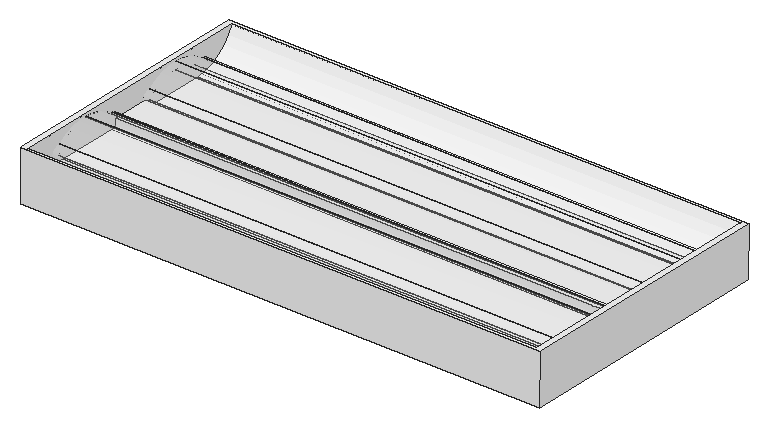
Revit family "TCAT24-SM", category Lighting Fixtures, host Face, Revit 2012
Parameters (values of type "TCAT24")
  zz Length = Row Length - 1.000"  # 47.000"
  Width = 24.000"
  Watts = 69 W
  Wattage = 69 W
  Warranty = "Five-year warranty"  # constant formula
  built-in parameter 1150110 = 1 (stored number, unit not read)
  Voltage = 120 V
  Wattage Comments = "19-69 W"
  URL = "http://www.columbialighting.com/"
  built-in parameter 1114217 = 1 (stored number, unit not read)
  Tilt Angle = -90.00°
  built-in parameter 1150109 = 1 (stored number, unit not read)
  built-in parameter 1150134 = (empty or 0)
  built-in parameter 1150113 = 1 (stored number, unit not read)
  Product Page URL = ""
  Product Documentation Link = ""
  Photometric Web File = "TCAT24-30LWx-EDU.ies"
  Photometric  Link = "http://www.columbialighting.com/resources/photometry_search/"
  Model = "TCAT24"
  Manufacturer Phone = "(864)-678-1000"  # constant formula
  Manufacturer Fax = "(866)-898-1065"  # constant formula
  Manufacturer = "Columbia Lighting"  # constant formula
  Row Length = 48.000"
  built-in parameter 1150105 = 815.62 (stored number, unit not read)
  Lumens = 10249.4 lm
  built-in parameter 1150115 = 1 (stored number, unit not read)
  Load Classification = Lighting
  built-in parameter 1150137 = (empty or 0)
  built-in parameter 1150139 = (empty or 0)
  built-in parameter 1150112 = 1 (stored number, unit not read)
  built-in parameter 1150114 = 1 (stored number, unit not read)
  Lamp = "LED lamp"  # constant formula
  Light Bulb = Hubbell - White Glass
  built-in parameter 1150132 = (empty or 0)
  built-in parameter 1150102 = (empty or 0)
  built-in parameter 1150107 = 3000 (stored number, unit not read)
  built-in parameter 1150138 = (empty or 0)
  built-in parameter 1150106 = 8.1562 (stored number, unit not read)
  Emit from Rectangle Width = 3.000"
  Emit from Rectangle Length = 46.800"
  Emit Shape Visible in Rendering = no
  built-in parameter 1150104 = 13.8 (stored number, unit not read)
  Dimming Lamp Color Temperature Shift = <None>
  Description = "LED Twin Contemporary Architectural Troffer"  # constant formula
  Default Elevation = 48.000"
  Color Filter = 16777215
  Certifications = "UL 1598, 2108 & CSA"  # constant formula
  built-in parameter 1114218 = 1 (stored number, unit not read)
  Backbox = Hubbell - White
  built-in parameter 1150133 = 10 (stored number, unit not read)
  Apparent Load = 0 VA
Types (3): name | zz Length | Watts | Wattage Comments | built-in parameter 1150134 | Photometric Web File | Model | Row Length | built-in parameter 1150107 | Emit from Rectangle Length
  (no name) | 47.000" | 69 W | "19-69 W" | (empty or 0) | "TCAT24-30LWx-EDU.ies" | "TCAT24" | 48.000" | 3000 (stored number, unit not read) | 46.800"
  TCAT24 | 47.000" | 69 W | "19-69 W" | (empty or 0) | "TCAT24-30LWx-EDU.ies" | "TCAT24" | 48.000" | 3000 (stored number, unit not read) | 46.800"
  TCAT22 | 23.000" | 37 W | "12-37 W" | 2 | "TCAT22-50HLx-EDU.ies" | "TCAT22" | 24.000" | 5000 (stored number, unit not read) | 22.800"
Reference planes (in)
  plane 1 "Center (Front/Back)": y = 0.03999
  plane 2: z = 0
  plane 3 "Center (Left/Right)": x = 1.66944
  plane 4: x = -22.33056
  plane 5: x = 25.66944
  plane 6: z = -4
  plane 7: y = -11.96001
  plane 8: y = 12.03999
Dimensions and locks (in)
  equal spacing: plane 5, plane 3 "Center (Left/Right)", plane 4
  "Row Length": plane 5 to plane 4
  equal spacing: plane 7, plane 1 "Center (Front/Back)", plane 8
  "Width": plane 7 to plane 8
  aligned and locked: plane 2 to host face
  aligned and locked: level to host face
  aligned and locked: plane 3 "Center (Left/Right)" to imposter light
  aligned and locked: plane 3 "Center (Left/Right)" to nested 1
  aligned and locked: plane 1 "Center (Front/Back)" to nested 1
  aligned and locked: imposter light to nested 1
Automatic sketch dimensions
  host sketch curve to host sketch curve = 96.000"  (x2)
Nested families (in)
  nested 1: "LED Contemporary Architectural Troffer" at (1.66944, 0.03999, 0), Glass <- "Light Bulb", Finish <- "Backbox", Width <- "Width", Row Length <- "Row Length", type "LED Contemporary Architectural Troffer"
    with Width 24.000", Row Length 48.000", Height 4.625", Glass Hubbell - White Glass, Finish Hubbell - White
Connectors (in)
  electrical at (1.66944, 0.03999, 0), driven by "Voltage", driven by "Load Classification", driven by "Apparent Load"
    settings: on nested 1, index 1, voltage 120 V, apparent load 0 VA, apparent load phase1 0 VA, apparent load phase2 0 VA, apparent load phase3 0 VA, power factor 1, load classification "Lighting", number of poles 1, system type 30, power factor state 1, is connector primary yes, connector utility no, sub classification motor no, connector description "Lighting Connector"
Definition of nested family "LED Contemporary Architectural Troffer"
  Parameters (values of type "LED Contemporary Architectural Troffer")
    Width [instance] = 24.000"
    Row Length [instance] = 24.000"
    Height [instance] = 4.000"
    Glass [instance] = none
    Finish [instance] = none
    Default Elevation = 48.000"
  Reference planes (in)
    plane 1 "Center (Front/Back)": y = 0
    plane 2: z = 0
    plane 3 "Center (Left/Right)": x = 0
    plane 4: x = 12
    plane 5: x = -12
    plane 6: y = -12
    plane 7: y = 12
    plane 8: z = 4
    plane 9: x = -11.5
    plane 10: x = 11.5
    plane 11: y = -3
    plane 12: y = 3
    plane 13: z = 2
    plane 14: y = -11.75
    plane 15: y = 11.75
    plane 16: z = 0.25
  Forms (in)
    Extrusion 1, solid
      sketch origin (0, 0, 0) x (1, 0, 0) y (0, 1, 0)
        loop
          line (-48, 48) -> (-48, -48) -> (48, -48) -> (48, 48) -> (-48, 48)
      from 0 to -12
    Extrusion 2, solid, material <- "Glass"
      sketch origin (0, 0, 0) x (0, 1, 0) y (0, 0, 1)
        loop
          arc (2.2, 2) -> (1.95, 2.25) -> (2.2, 2.5) r 0.25
          arc (2.2, 2.5) -> (3.58307, 3.40315) -> (5.2054, 3.71395) r 4.27102
          arc (5.2054, 3.71395) -> (6.82773, 3.40315) -> (8.2108, 2.5) r 4.27102
          arc (8.2108, 2.5) -> (8.4608, 2.25) -> (8.2108, 2) r 0.25
          line (8.2108, 2) -> (8.2108, 1.89823)
          arc (8.2108, 1.89823) -> (8.56159, 2.24902) -> (8.2108, 2.59982) r 0.35079
          arc (8.2108, 2.59982) -> (6.8238, 3.48995) -> (5.2054, 3.80122) r 4.35698
          arc (5.2054, 3.80122) -> (3.587, 3.48995) -> (2.2, 2.59982) r 4.35698
          arc (2.2, 2.59982) -> (1.84921, 2.24902) -> (2.2, 1.89823) r 0.35079
          line (2.2, 1.89823) -> (2.2, 2)
        loop
          line (-2.2, 2) -> (-2.2, 1.89823)
          arc (-2.2, 1.89823) -> (-1.84921, 2.24902) -> (-2.2, 2.59982) r 0.35079
          arc (-2.2, 2.59982) -> (-3.587, 3.48995) -> (-5.2054, 3.80122) r 4.35698
          arc (-5.2054, 3.80122) -> (-6.8238, 3.48995) -> (-8.2108, 2.59982) r 4.35698
          arc (-8.2108, 2.59982) -> (-8.56159, 2.24902) -> (-8.2108, 1.89823) r 0.35079
          line (-8.2108, 1.89823) -> (-8.2108, 2)
          arc (-8.2108, 2) -> (-8.4608, 2.25) -> (-8.2108, 2.5) r 0.25
          arc (-8.2108, 2.5) -> (-6.82773, 3.40315) -> (-5.2054, 3.71395) r 4.27102
          arc (-5.2054, 3.71395) -> (-3.58307, 3.40315) -> (-2.2, 2.5) r 4.27102
          arc (-2.2, 2.5) -> (-1.95, 2.25) -> (-2.2, 2) r 0.25
      from -11.5 to 11.5
    Extrusion 3, solid, material <- "Finish"
      sketch origin (0, 0, 0) x (0, 1, 0) y (0, 0, 1)
        loop
          line (-12, 4) -> (-12, 0) -> (12, 0) -> (12, 4) -> (-12, 4)
      from 11.5 to 12
    Extrusion 4, solid, material <- "Finish"
      sketch origin (0, 0, 0) x (0, 1, 0) y (0, 0, 1)
        loop
          line (12, 4) -> (-12, 4) -> (-12, 0) -> (12, 0) -> (12, 4)
      from -12 to -11.5
    Extrusion 5, solid, material <- "Finish"
      sketch origin (0, 0, 0) x (0, 1, 0) y (0, 0, 1)
        loop
          line (-12, 0) -> (12, 0) -> (12, 4) -> (11.75, 4) -> (11.75, 0.25) -> (-11.75, 0.25) -> (-11.75, 4) -> (-12, 4) -> (-12, 0)
      from -11.5 to 11.5
    Extrusion 6, solid, material <- "Finish"
      sketch origin (0, 0, 0) x (0, 1, 0) y (0, 0, 1)
        loop
          arc (-7.77803, 2) -> (-10.00157, 2.52822) -> (-11.75, 4) r 4.94414
          line (-11.75, 4) -> (-11.75, 0.25) -> (11.75, 0.25) -> (11.75, 4)
          arc (11.75, 4) -> (10.01391, 2.5285) -> (7.80032, 2) r 4.9
          line (7.80032, 2) -> (-7.77803, 2)
      from -12 to 12
    Extrusion 7, solid, material <- "Finish"
      sketch origin (0, 0, 0) x (0, 1, 0) y (0, 0, 1)
        loop
          line (-1.75, 2) -> (1.75, 2) -> (1.75, 2.75) -> (-1.75, 2.75) -> (-1.75, 2)
      from -11.5 to 11.5
  Cuts and joins
    joined: Extrusion 3, Extrusion 4, Extrusion 5, Extrusion 6
  Dimensions and locks (in)
    equal spacing: plane 4, plane 3 "Center (Left/Right)", plane 5
    "Row Length": plane 4 to plane 5
    equal spacing: plane 6, plane 1 "Center (Front/Back)", plane 7
    "Width": plane 6 to plane 7
    "Height": plane 8 to plane 2
    equal spacing: plane 10, plane 3 "Center (Left/Right)", plane 9
    locked: plane 9 to plane 5 at 0.5
    equal spacing: plane 11, plane 1 "Center (Front/Back)", plane 12
    locked: plane 11 to plane 1 "Center (Front/Back)" at 3
    locked: plane 6 to plane 14 at 0.25
    equal spacing: plane 14, plane 1 "Center (Front/Back)", plane 15
    locked: plane 16 to level at 0.25
    level to Extrusion 5 = 4.000"
    aligned and locked: plane 2 to Extrusion 1
    aligned and locked: level to Extrusion 1
    aligned and locked: Extrusion 2 to plane 10
    aligned and locked: Extrusion 2 to plane 9
    aligned and locked: plane 8 to Extrusion 3 sketch curve
    aligned and locked: plane 6 to Extrusion 3 sketch curve
    aligned and locked: level to Extrusion 3 sketch curve
    aligned and locked: Extrusion 3 sketch curve to plane 7
    aligned and locked: plane 4 to Extrusion 3
    aligned and locked: plane 10 to Extrusion 3
    aligned and locked: Extrusion 4 sketch curve to Extrusion 3  (x4)
    aligned and locked: Extrusion 4 to plane 5
    aligned and locked: plane 9 to Extrusion 4
    aligned and locked: Extrusion 5 sketch curve to Extrusion 3  (x4)
    aligned and locked: plane 8 to Extrusion 5 sketch curve
    aligned and locked: Extrusion 5 sketch curve to plane 14
    aligned and locked: plane 16 to Extrusion 5 sketch curve
    aligned and locked: Extrusion 5 sketch curve to plane 15
    aligned and locked: Extrusion 5 to plane 10
    aligned and locked: Extrusion 5 to plane 9
    aligned and locked: plane 13 to Extrusion 6 sketch curve
    aligned and locked: Extrusion 6 sketch curve to plane 14
    aligned and locked: plane 16 to Extrusion 6 sketch curve
    aligned and locked: Extrusion 6 sketch curve to plane 15
    aligned and locked: plane 4 to Extrusion 6
    aligned and locked: Extrusion 6 to plane 5
    aligned and locked: plane 13 to Extrusion 7 sketch curve
    aligned and locked: Extrusion 7 to plane 10
    aligned and locked: Extrusion 7 to plane 9
  Automatic sketch dimensions
    Extrusion 1 sketch curve to Extrusion 1 sketch curve = 96.000"  (x2)
    plane 8 to Extrusion 6 sketch curve = 0.000"  (x2)
    Extrusion 6 sketch curve to Extrusion 6 sketch curve = 3.94968"
    Extrusion 6 sketch curve to Extrusion 6 sketch curve = 3.97197"
    plane 13 to Extrusion 2 sketch curve = 0.000"  (x4)
    plane 11 to Extrusion 2 sketch curve = 0.800"
    plane 12 to Extrusion 2 sketch curve = 0.800"
    Extrusion 2 sketch curve to level = 0.55701"  (x2)
    Extrusion 2 sketch curve to plane 11 = 2.18267"
    Extrusion 2 sketch curve to Extrusion 2 sketch curve = 0.0216"  (x4)
    plane 8 to Extrusion 2 sketch curve = 0.28605"
    Extrusion 2 sketch curve to plane 11 = 2.2054"
    Extrusion 2 sketch curve to Extrusion 2 sketch curve = 0.000"  (x5)
    Extrusion 2 sketch curve to Extrusion 2 sketch curve = 0.00226"  (x2)
    Extrusion 2 sketch curve to plane 13 = 0.250"
    Extrusion 2 sketch curve to Extrusion 2 sketch curve = 3.0054"
    Extrusion 2 sketch curve to plane 12 = 2.18267"
    plane 8 to Extrusion 2 sketch curve = 0.19878"
    Extrusion 2 sketch curve to plane 12 = 2.2054"
    Extrusion 2 sketch curve to plane 13 = 0.500"
    plane 15 to Extrusion 2 sketch curve = 3.5392"
    Extrusion 2 sketch curve to Extrusion 2 sketch curve = 0.00126"  (x2)
    plane 13 to Extrusion 2 sketch curve = 0.10177"  (x4)
    Extrusion 2 sketch curve to Extrusion 2 sketch curve = 0.00098"
    plane 11 to Extrusion 7 sketch curve = 1.250"
    plane 12 to Extrusion 7 sketch curve = 1.250"
    Extrusion 7 sketch curve to Extrusion 7 sketch curve = 0.750"
